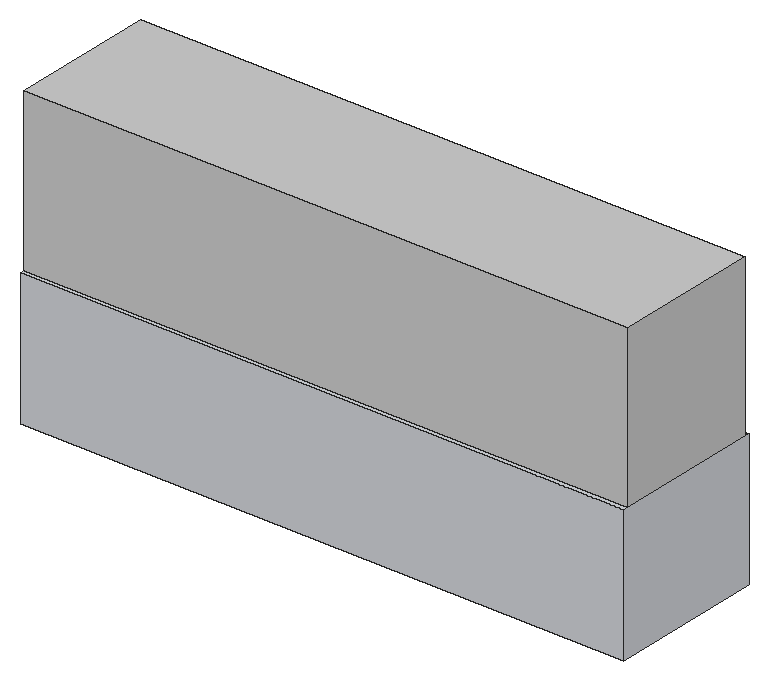
Revit family
Parameters (values of type "300 x 600mm")
  Spessore rivestimento = 10 mm
  Materiale trave [instance] = Cemento - Cemento gettato in opera
  Assembly Code = ""
  Length [instance] = 1524 mm
  b = 300 mm
  h = 600 mm
  Altezza rivestimento = 331.2 mm
Types (4, lengths in mm): name | Materiale trave | b | h | Altezza rivestimento
  400 x 800mm | none | 400 | 800 | 160
  300 x 600mm | Cemento - Cemento gettato in opera | 300 | 600 | 331.2
  TRAVE_LAB3M_40x60 | Cemento - Cemento gettato in opera | 400 | 600 | 160
  TRAVE_LAB3M_40x80 | Cemento - Cemento gettato in opera | 400 | 800 | 160
Reference planes
  plane 1 "Centro (Fronte/Retro)": y = 0
  plane 2: z = 0
  plane 3 "Centro (Sinistra/Destra)": x = 4.61
  plane 4 "Membro sinistro": x = -604.99
  plane 5 "Membro destro": x = 614.21
  plane 6: y = 150
  plane 7: y = -150
  plane 8: z = 300
  plane 9 "Parte inferiore": z = -300
  plane 10 "Sinistra": x = -757.39
  plane 11 "Destra": x = 766.61
  plane 12: x = -617.69
  plane 13: x = 626.91
  plane 14: y = -160
  plane 15: y = 160
  plane 16: z = -310
  plane 17: z = -31.2
Forms (mm)
  Sweep 1, solid, material "Cemento - Cemento gettato in opera"
    path origin (0, 0, 0) x (1, 0, 0) y (0, 1, 0)
      loop
        line (626.91, 0) -> (-617.69, 0)
    profile "M_Trave rettangolare-Profilo : M_Trave rettangolare-Profilo" origin (4.61, 0, 0) x (0, -1, 0) y (0, 0, 1)
      loop
        line (-150, -300) -> (150, -300) -> (150, 300) -> (-150, 300) -> (-150, -300)
  Extrusion 2, solid
    sketch origin (0, 0, 0) x (1, 0, 0) y (0, 1, 0)
      loop
        line (-617.69, 160) -> (-617.69, -160) -> (626.91, -160) -> (626.91, 160) -> (-617.69, 160)
    from -310 to -31.2
Dimensions and locks
  "b": plane 6 to plane 7
  equal spacing: plane 9 "Parte inferiore", plane 2, plane 8
  equal spacing: plane 6, plane 1 "Centro (Fronte/Retro)", plane 7
  "h": plane 9 "Parte inferiore" to plane 8
  "Length": plane 10 "Sinistra" to plane 11 "Destra"
  locked: plane 12 to plane 4 "Membro sinistro" at 12.7
  locked: plane 5 "Membro destro" to plane 13 at 12.7
  "Spessore rivestimento": plane 14 to plane 7
  "Spessore rivestimento": plane 6 to plane 15
  "Spessore rivestimento": plane 16 to plane 9 "Parte inferiore"
  "Altezza rivestimento": plane 17 to plane 8
  aligned and locked: Sweep 1 sketch curve to plane 1 "Centro (Fronte/Retro)"
  aligned and locked: plane 12 to Sweep 1 sketch curve
  aligned and locked: plane 13 to Sweep 1 sketch curve
  aligned and locked: Sweep 1 to plane 8
  aligned and locked: Sweep 1 to plane 7
  aligned and locked: plane 6 to Sweep 1
  aligned and locked: plane 9 "Parte inferiore" to Sweep 1
  aligned and locked: Extrusion 2 to plane 14
  aligned and locked: plane 15 to Extrusion 2
  aligned and locked: Extrusion 2 to plane 16
  aligned: Extrusion 2 to plane 8
  aligned: plane 17 to Extrusion 2
Automatic sketch dimensions
  Extrusion 2 sketch curve to plane 12 = 0 mm
  Extrusion 2 sketch curve to plane 13 = 0 mm
  Extrusion 2 sketch curve to plane 14 = 0 mm
  Extrusion 2 sketch curve to plane 15 = 0 mm
